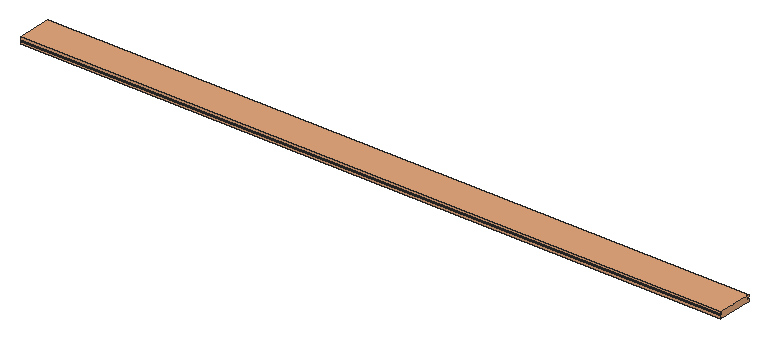
Revit family "SCI_FL_DK25-L6 T3BC", category Generic Models, host Floor, Revit 2019
Family settings
  Host = Floor
  Can host rebar = No
  Round Connector Dimension = Use Diameter
  Part Type = Normal
  Always vertical = Yes
  Cut with Voids When Loaded = No
  Shared = No
  Room Calculation Point = No
Parameters
  Weight/Sheet (kg) = 13.46
  W = 140 mm
  Sub-Category = "ไม้พื้น"
  Series = "ไม้พื้นตันลักซูรี่ หน้า 6\"(Decking Luxury 6\")"
  Product code = "DK25-L6 T3 BC"
  Product Type = "ไม้ระแนง ภายนอก(Decking Outdoor)"
  Product Description = "https://bit.ly/2Gc23zE"
  No. of pc / sq.m. = 2.55
  Material main = WPC
  Material = BLACK CHERRY
  Manufacturer = "SCI WOOD"
  L = 2800 mm
  Keynote = ""
  Instruction Video = "https://youtu.be/5dEMXPDnq1Y"
  D = 25 mm
  Category = "พื้น"
  Catalog = "https://bit.ly/3ftvBpc"
  Assembly Code = ""
Reference planes
  plane 1 "Center (Front/Back)": y = 0
  plane 2: z = 0
  plane 3 "Center (Left/Right)": x = 0
  plane 4: x = -1400
  plane 5: x = 1400
  plane 6: z = 25
  plane 7: y = 70
  plane 8: y = -70
  plane 9: y = 63
  plane 10: y = -63
  plane 11: z = 15.766
  plane 12: z = 9.234
  plane 13: z = 12.5
  plane 14: z = 1
Forms (mm)
  Extrusion 1, solid, material "BLACK CHERRY" <- "Material"
    sketch origin (0, 0, 0) x (0, 1, 0) y (0, 0, 1)
      loop
        line (70, 0) -> (70, 9.234) -> (63, 9.234) -> (63, 15.766) -> (70, 15.766) -> (70, 25) -> (-70, 25) -> (-70, 15.766) -> (-63, 15.766) -> (-63, 9.234) -> (-70, 9.234) -> (-70, 0) -> (-61.066, 0) -> (-61.066, 1) -> (-59.366, 1) -> (-59.366, 0) -> (-55.592, 0) -> (-55.592, 1) -> (-53.892, 1) -> (-53.892, 0) -> (-50.118, 0) -> (-50.118, 1) -> (-48.418, 1) -> (-48.418, 0) -> (-44.643, 0) -> (-44.643, 1) -> (-42.943, 1) -> (-42.943, 0) -> (-39.169, 0) -> (-39.169, 1) -> (-37.469, 1) -> (-37.469, 0) -> (-33.695, 0) -> (-33.695, 1) -> (-31.995, 1) -> (-31.995, 0) -> (-28.221, 0) -> (-28.221, 1) -> (-26.521, 1) -> (-26.521, 0) -> (-22.747, 0) -> (-22.747, 1) -> (-21.047, 1) -> (-21.047, 0) -> (-17.273, 0) -> (-17.273, 1) -> (-15.573, 1) -> (-15.573, 0) -> (-11.798, 0) -> (-11.798, 1) -> (-10.098, 1) -> (-10.098, 0) -> (-6.324, 0) -> (-6.324, 1) -> (-4.624, 1) -> (-4.624, 0) -> (-0.85, 0) -> (-0.85, 1) -> (0.85, 1) -> (0.85, 0) -> (4.624, 0) -> (4.624, 1) -> (6.324, 1) -> (6.324, 0) -> (10.098, 0) -> (10.098, 1) -> (11.798, 1) -> (11.798, 0) -> (15.573, 0) -> (15.573, 1) -> (17.273, 1) -> (17.273, 0) -> (21.047, 0) -> (21.047, 1) -> (22.747, 1) -> (22.747, 0) -> (26.521, 0) -> (26.521, 1) -> (28.221, 1) -> (28.221, 0) -> (31.995, 0) -> (31.995, 1) -> (33.695, 1) -> (33.695, 0) -> (37.469, 0) -> (37.469, 1) -> (39.169, 1) -> (39.169, 0) -> (42.943, 0) -> (42.943, 1) -> (44.643, 1) -> (44.643, 0) -> (48.418, 0) -> (48.418, 1) -> (50.118, 1) -> (50.118, 0) -> (53.892, 0) -> (53.892, 1) -> (55.592, 1) -> (55.592, 0) -> (59.366, 0) -> (59.366, 1) -> (61.066, 1) -> (61.066, 0) -> (70, 0)
    from -1400 to 1400
Dimensions and locks
  equal spacing: plane 5, plane 3 "Center (Left/Right)", plane 4
  "L": plane 5 to plane 4
  "D": plane 6 to plane 2
  equal spacing: plane 7, plane 1 "Center (Front/Back)", plane 8
  "W": plane 7 to plane 8
  locked: plane 7 to plane 9 at 7
  locked: plane 10 to plane 8 at 7
  equal spacing: plane 6, plane 13, plane 2
  plane 6 to plane 11 = 9.234 mm
  equal spacing: plane 11, plane 13, plane 12, locked at 3.266 each
  locked: plane 11 to plane 12 at 6.531
  plane 12 to plane 2 = 9.234 mm
  plane 14 to plane 2 = 1 mm
  aligned and locked: level to plane 2
  aligned and locked: plane 5 to Extrusion 1
  aligned and locked: Extrusion 1 to plane 4
  aligned and locked: plane 7 to Extrusion 1 sketch curve  (x2)
  aligned and locked: Extrusion 1 sketch curve to plane 8  (x2)
  aligned and locked: plane 6 to Extrusion 1 sketch curve
  aligned and locked: Extrusion 1 sketch curve to plane 9
  aligned and locked: Extrusion 1 sketch curve to plane 10
  aligned and locked: Extrusion 1 sketch curve to plane 11
  aligned and locked: Extrusion 1 sketch curve to plane 12
  aligned and locked: plane 11 to Extrusion 1 sketch curve
  aligned and locked: plane 12 to Extrusion 1 sketch curve
Automatic sketch dimensions
  Extrusion 1 sketch curve to plane 14 = 0 mm  (x23)
  Extrusion 1 sketch curve to level = 0 mm  (x24)
  Extrusion 1 sketch curve to plane 7 = 0 mm  (x2)
  Extrusion 1 sketch curve to plane 10 = 1.934 mm
  Extrusion 1 sketch curve to Extrusion 1 sketch curve = 1.7 mm  (x22)
  Extrusion 1 sketch curve to Extrusion 1 sketch curve = 3.774 mm  (x20)
  plane 1 "Center (Front/Back)" to Extrusion 1 sketch curve = 0.85 mm
  Extrusion 1 sketch curve to plane 1 "Center (Front/Back)" = 0.85 mm
  plane 9 to Extrusion 1 sketch curve = 3.634 mm
